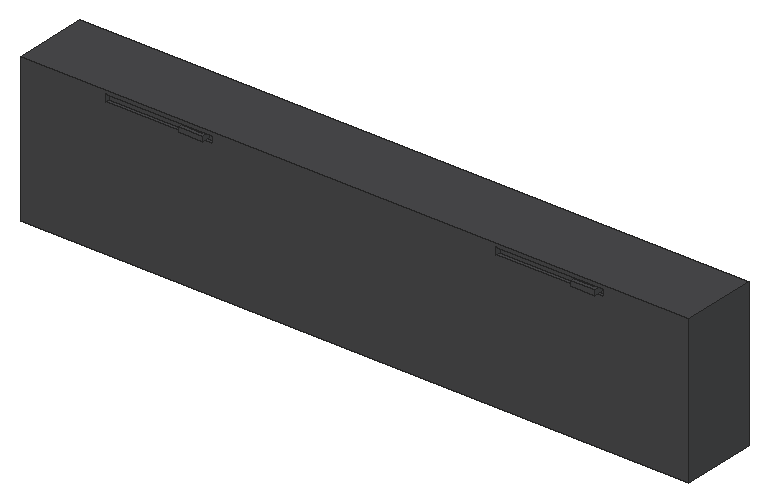
Revit family "DOT BLOCK CEILLING 328_DTSM15U3.1.36", category Luminarias, Revit 2019
Family settings
  Cota de conector redondo = Diámetro de uso
  Tipo de pieza = Normal
  Se basa en plano de trabajo = Sí
  Siempre vertical = Sí
  Corte con vacíos al cargar = No
  Origen de luz = Sí
  Compartido = No
  Punto de cálculo de habitación = No
Parameters (values of type "DOT BLOCK SURFACE 328_DM15U3.3.36")
  Ángulo de inclinación = 60.00°
  Zone [instance] = ""
  Watt per fixture = 15
  Wattage = 15 W
  built-in parameter 1150107 = 2700 (stored number, unit not read)
  built-in parameter 1150110 = 1 (stored number, unit not read)
  built-in parameter 1150109 = 1 (stored number, unit not read)
  built-in parameter 1150112 = 1 (stored number, unit not read)
  built-in parameter 1150113 = 1 (stored number, unit not read)
  built-in parameter 1114218 = 1 (stored number, unit not read)
  Keynote = ""
  built-in parameter 1150137 = (empty or 0)
  built-in parameter 1150132 = (empty or 0)
  Modelo = "DM15U3.3.36"
  Lámpara = "3030SMD PHILIPS"
  built-in parameter 1150105 = 95.493 (stored number, unit not read)
  built-in parameter 1150102 = (empty or 0)
  built-in parameter 1150106 = 0.95493 (stored number, unit not read)
  Lumens = 1200 lm
  Color Filter = 16777215
  built-in parameter 1114217 = 1 (stored number, unit not read)
  built-in parameter 1150139 = (empty or 0)
  Fabricante = "BRILLANT"
  Default Elevation = 1219.2 mm
  built-in parameter 1150104 = 7.4322 (stored number, unit not read)
  Descripción = "LUMINARIA DOWNLIGHT EN FORMATO RECTANGULAR PARA EMPOTRAR DIRECTO EN PLAFON, CUERPO DE ALUMINIO ACABADO EN COLOR NEGRO, IP 20, PESO 0.84Kg, TIPO DE LED 3030SMD PHILIPS CON 15W TOTAL, 1200 LUMENES, 80LM/W, IRC 90, TEMPERATURA EN BLANCO CALIDO 2700K, 50 MIL HORAS DE VIDA PROMEDIO, APERTURA DE 36 GRADOS POR PROYECTO, ALIMENTADO A 90-240V"
  built-in parameter 1150115 = 1 (stored number, unit not read)
  built-in parameter 1150114 = 1 (stored number, unit not read)
  Comentarios de vataje = "90-240V"
  built-in parameter 1150138 = (empty or 0)
  built-in parameter 1150134 = (empty or 0)
  Circuit [instance] = ""
  Dimming Lamp Color Temperature Shift = (empty or 0)
  Archivo de red fotométrica = "L328A-15W-827-B-36_IESNA95.IES"
  built-in parameter 1150133 = 10 (stored number, unit not read)
Reference planes
  plane 1 "Centro (Frontal/Posterior)": y = 0
  plane 2: z = 0
  plane 3 "Centro (Izquierda/Derecha)": x = 0
Forms (mm)
  Extrusion 1, solid, material "Default Form", not visible
    sketch origin (0, 0, 0) x (1, 0, 0) y (0, 0, 1)
      loop
        line (-473, 0) -> (-473, -72) -> (473, -72) -> (473, 0) -> (-473, 0)
    from -18.326 to 18.326
  Blend 2, void, not visible
    base sketch origin (-293.63, 0, 0) x (1, 0, 0) y (0, 1, 0)
      loop
        line (-162, 16.149) -> (-162, -16.149) -> (-144.14, -16.149) -> (-144.14, 16.149) -> (-162, 16.149)
    top sketch origin (-293.63, 0, 0) x (1, 0, 0) y (0, 1, 0)
      loop
        line (-160, 12.149) -> (-160, -12.149) -> (-146.14, -12.149) -> (-146.14, 12.149) -> (-160, 12.149)
    from -72 to -61.591
  Blend 3, void, not visible
    base sketch origin (-267.33, 0, 0) x (1, 0, 0) y (0, 1, 0)
      loop
        line (-162, 16.149) -> (-162, -16.149) -> (-144.14, -16.149) -> (-144.14, 16.149) -> (-162, 16.149)
    top sketch origin (-267.33, 0, 0) x (1, 0, 0) y (0, 1, 0)
      loop
        line (-160, 12.149) -> (-160, -12.149) -> (-146.14, -12.149) -> (-146.14, 12.149) -> (-160, 12.149)
    from -72 to -61.591
  Blend 4, void, not visible
    base sketch origin (-241.03, 0, 0) x (1, 0, 0) y (0, 1, 0)
      loop
        line (-162, 16.149) -> (-162, -16.149) -> (-144.14, -16.149) -> (-144.14, 16.149) -> (-162, 16.149)
    top sketch origin (-241.03, 0, 0) x (1, 0, 0) y (0, 1, 0)
      loop
        line (-160, 12.149) -> (-160, -12.149) -> (-146.14, -12.149) -> (-146.14, 12.149) -> (-160, 12.149)
    from -72 to -61.591
  Blend 5, void, not visible
    base sketch origin (-214.73, 0, 0) x (1, 0, 0) y (0, 1, 0)
      loop
        line (-162, 16.149) -> (-162, -16.149) -> (-144.14, -16.149) -> (-144.14, 16.149) -> (-162, 16.149)
    top sketch origin (-214.73, 0, 0) x (1, 0, 0) y (0, 1, 0)
      loop
        line (-160, 12.149) -> (-160, -12.149) -> (-146.14, -12.149) -> (-146.14, 12.149) -> (-160, 12.149)
    from -72 to -61.591
  Blend 6, void, not visible
    base sketch origin (-188.43, 0, 0) x (1, 0, 0) y (0, 1, 0)
      loop
        line (-162, 16.149) -> (-162, -16.149) -> (-144.14, -16.149) -> (-144.14, 16.149) -> (-162, 16.149)
    top sketch origin (-188.43, 0, 0) x (1, 0, 0) y (0, 1, 0)
      loop
        line (-160, 12.149) -> (-160, -12.149) -> (-146.14, -12.149) -> (-146.14, 12.149) -> (-160, 12.149)
    from -72 to -61.591
  Blend 7, void, not visible
    base sketch origin (-162.13, 0, 0) x (1, 0, 0) y (0, 1, 0)
      loop
        line (-162, 16.149) -> (-162, -16.149) -> (-144.14, -16.149) -> (-144.14, 16.149) -> (-162, 16.149)
    top sketch origin (-162.13, 0, 0) x (1, 0, 0) y (0, 1, 0)
      loop
        line (-160, 12.149) -> (-160, -12.149) -> (-146.14, -12.149) -> (-146.14, 12.149) -> (-160, 12.149)
    from -72 to -61.591
  Blend 8, void, not visible
    base sketch origin (-135.83, 0, 0) x (1, 0, 0) y (0, 1, 0)
      loop
        line (-162, 16.149) -> (-162, -16.149) -> (-144.14, -16.149) -> (-144.14, 16.149) -> (-162, 16.149)
    top sketch origin (-135.83, 0, 0) x (1, 0, 0) y (0, 1, 0)
      loop
        line (-160, 12.149) -> (-160, -12.149) -> (-146.14, -12.149) -> (-146.14, 12.149) -> (-160, 12.149)
    from -72 to -61.591
  Blend 9, void, not visible
    base sketch origin (-109.53, 0, 0) x (1, 0, 0) y (0, 1, 0)
      loop
        line (-162, 16.149) -> (-162, -16.149) -> (-144.14, -16.149) -> (-144.14, 16.149) -> (-162, 16.149)
    top sketch origin (-109.53, 0, 0) x (1, 0, 0) y (0, 1, 0)
      loop
        line (-160, 12.149) -> (-160, -12.149) -> (-146.14, -12.149) -> (-146.14, 12.149) -> (-160, 12.149)
    from -72 to -61.591
  Blend 10, void, not visible
    base sketch origin (-83.23, 0, 0) x (1, 0, 0) y (0, 1, 0)
      loop
        line (-162, 16.149) -> (-162, -16.149) -> (-144.14, -16.149) -> (-144.14, 16.149) -> (-162, 16.149)
    top sketch origin (-83.23, 0, 0) x (1, 0, 0) y (0, 1, 0)
      loop
        line (-160, 12.149) -> (-160, -12.149) -> (-146.14, -12.149) -> (-146.14, 12.149) -> (-160, 12.149)
    from -72 to -61.591
  Blend 11, void, not visible
    base sketch origin (-56.93, 0, 0) x (1, 0, 0) y (0, 1, 0)
      loop
        line (-162, 16.149) -> (-162, -16.149) -> (-144.14, -16.149) -> (-144.14, 16.149) -> (-162, 16.149)
    top sketch origin (-56.93, 0, 0) x (1, 0, 0) y (0, 1, 0)
      loop
        line (-160, 12.149) -> (-160, -12.149) -> (-146.14, -12.149) -> (-146.14, 12.149) -> (-160, 12.149)
    from -72 to -61.591
  Blend 12, void, not visible
    base sketch origin (-30.63, 0, 0) x (1, 0, 0) y (0, 1, 0)
      loop
        line (-162, 16.149) -> (-162, -16.149) -> (-144.14, -16.149) -> (-144.14, 16.149) -> (-162, 16.149)
    top sketch origin (-30.63, 0, 0) x (1, 0, 0) y (0, 1, 0)
      loop
        line (-160, 12.149) -> (-160, -12.149) -> (-146.14, -12.149) -> (-146.14, 12.149) -> (-160, 12.149)
    from -72 to -61.591
  Blend 13, void, not visible
    base sketch origin (-4.33, 0, 0) x (1, 0, 0) y (0, 1, 0)
      loop
        line (-162, 16.149) -> (-162, -16.149) -> (-144.14, -16.149) -> (-144.14, 16.149) -> (-162, 16.149)
    top sketch origin (-4.33, 0, 0) x (1, 0, 0) y (0, 1, 0)
      loop
        line (-160, 12.149) -> (-160, -12.149) -> (-146.14, -12.149) -> (-146.14, 12.149) -> (-160, 12.149)
    from -72 to -61.591
  Blend 14, void, not visible
    base sketch origin (21.97, 0, 0) x (1, 0, 0) y (0, 1, 0)
      loop
        line (-162, 16.149) -> (-162, -16.149) -> (-144.14, -16.149) -> (-144.14, 16.149) -> (-162, 16.149)
    top sketch origin (21.97, 0, 0) x (1, 0, 0) y (0, 1, 0)
      loop
        line (-160, 12.149) -> (-160, -12.149) -> (-146.14, -12.149) -> (-146.14, 12.149) -> (-160, 12.149)
    from -72 to -61.591
  Blend 15, void, not visible
    base sketch origin (48.27, 0, 0) x (1, 0, 0) y (0, 1, 0)
      loop
        line (-162, 16.149) -> (-162, -16.149) -> (-144.14, -16.149) -> (-144.14, 16.149) -> (-162, 16.149)
    top sketch origin (48.27, 0, 0) x (1, 0, 0) y (0, 1, 0)
      loop
        line (-160, 12.149) -> (-160, -12.149) -> (-146.14, -12.149) -> (-146.14, 12.149) -> (-160, 12.149)
    from -72 to -61.591
  Blend 16, void, not visible
    base sketch origin (74.57, 0, 0) x (1, 0, 0) y (0, 1, 0)
      loop
        line (-162, 16.149) -> (-162, -16.149) -> (-144.14, -16.149) -> (-144.14, 16.149) -> (-162, 16.149)
    top sketch origin (74.57, 0, 0) x (1, 0, 0) y (0, 1, 0)
      loop
        line (-160, 12.149) -> (-160, -12.149) -> (-146.14, -12.149) -> (-146.14, 12.149) -> (-160, 12.149)
    from -72 to -61.591
  Blend 17, void, not visible
    base sketch origin (100.87, 0, 0) x (1, 0, 0) y (0, 1, 0)
      loop
        line (-162, 16.149) -> (-162, -16.149) -> (-144.14, -16.149) -> (-144.14, 16.149) -> (-162, 16.149)
    top sketch origin (100.87, 0, 0) x (1, 0, 0) y (0, 1, 0)
      loop
        line (-160, 12.149) -> (-160, -12.149) -> (-146.14, -12.149) -> (-146.14, 12.149) -> (-160, 12.149)
    from -72 to -61.591
  Blend 18, void, not visible
    base sketch origin (127.17, 0, 0) x (1, 0, 0) y (0, 1, 0)
      loop
        line (-162, 16.149) -> (-162, -16.149) -> (-144.14, -16.149) -> (-144.14, 16.149) -> (-162, 16.149)
    top sketch origin (127.17, 0, 0) x (1, 0, 0) y (0, 1, 0)
      loop
        line (-160, 12.149) -> (-160, -12.149) -> (-146.14, -12.149) -> (-146.14, 12.149) -> (-160, 12.149)
    from -72 to -61.591
  Blend 19, void, not visible
    base sketch origin (153.47, 0, 0) x (1, 0, 0) y (0, 1, 0)
      loop
        line (-162, 16.149) -> (-162, -16.149) -> (-144.14, -16.149) -> (-144.14, 16.149) -> (-162, 16.149)
    top sketch origin (153.47, 0, 0) x (1, 0, 0) y (0, 1, 0)
      loop
        line (-160, 12.149) -> (-160, -12.149) -> (-146.14, -12.149) -> (-146.14, 12.149) -> (-160, 12.149)
    from -72 to -61.591
  Blend 20, void, not visible
    base sketch origin (179.77, 0, 0) x (1, 0, 0) y (0, 1, 0)
      loop
        line (-162, 16.149) -> (-162, -16.149) -> (-144.14, -16.149) -> (-144.14, 16.149) -> (-162, 16.149)
    top sketch origin (179.77, 0, 0) x (1, 0, 0) y (0, 1, 0)
      loop
        line (-160, 12.149) -> (-160, -12.149) -> (-146.14, -12.149) -> (-146.14, 12.149) -> (-160, 12.149)
    from -72 to -61.591
  Blend 21, void, not visible
    base sketch origin (206.07, 0, 0) x (1, 0, 0) y (0, 1, 0)
      loop
        line (-162, 16.149) -> (-162, -16.149) -> (-144.14, -16.149) -> (-144.14, 16.149) -> (-162, 16.149)
    top sketch origin (206.07, 0, 0) x (1, 0, 0) y (0, 1, 0)
      loop
        line (-160, 12.149) -> (-160, -12.149) -> (-146.14, -12.149) -> (-146.14, 12.149) -> (-160, 12.149)
    from -72 to -61.591
  Blend 22, void, not visible
    base sketch origin (232.37, 0, 0) x (1, 0, 0) y (0, 1, 0)
      loop
        line (-162, 16.149) -> (-162, -16.149) -> (-144.14, -16.149) -> (-144.14, 16.149) -> (-162, 16.149)
    top sketch origin (232.37, 0, 0) x (1, 0, 0) y (0, 1, 0)
      loop
        line (-160, 12.149) -> (-160, -12.149) -> (-146.14, -12.149) -> (-146.14, 12.149) -> (-160, 12.149)
    from -72 to -61.591
  Blend 23, void, not visible
    base sketch origin (258.67, 0, 0) x (1, 0, 0) y (0, 1, 0)
      loop
        line (-162, 16.149) -> (-162, -16.149) -> (-144.14, -16.149) -> (-144.14, 16.149) -> (-162, 16.149)
    top sketch origin (258.67, 0, 0) x (1, 0, 0) y (0, 1, 0)
      loop
        line (-160, 12.149) -> (-160, -12.149) -> (-146.14, -12.149) -> (-146.14, 12.149) -> (-160, 12.149)
    from -72 to -61.591
  Blend 24, void, not visible
    base sketch origin (284.97, 0, 0) x (1, 0, 0) y (0, 1, 0)
      loop
        line (-162, 16.149) -> (-162, -16.149) -> (-144.14, -16.149) -> (-144.14, 16.149) -> (-162, 16.149)
    top sketch origin (284.97, 0, 0) x (1, 0, 0) y (0, 1, 0)
      loop
        line (-160, 12.149) -> (-160, -12.149) -> (-146.14, -12.149) -> (-146.14, 12.149) -> (-160, 12.149)
    from -72 to -61.591
  Blend 25, void, not visible
    base sketch origin (311.27, 0, 0) x (1, 0, 0) y (0, 1, 0)
      loop
        line (-162, 16.149) -> (-162, -16.149) -> (-144.14, -16.149) -> (-144.14, 16.149) -> (-162, 16.149)
    top sketch origin (311.27, 0, 0) x (1, 0, 0) y (0, 1, 0)
      loop
        line (-160, 12.149) -> (-160, -12.149) -> (-146.14, -12.149) -> (-146.14, 12.149) -> (-160, 12.149)
    from -72 to -61.591
  Blend 26, void, not visible
    base sketch origin (337.57, 0, 0) x (1, 0, 0) y (0, 1, 0)
      loop
        line (-162, 16.149) -> (-162, -16.149) -> (-144.14, -16.149) -> (-144.14, 16.149) -> (-162, 16.149)
    top sketch origin (337.57, 0, 0) x (1, 0, 0) y (0, 1, 0)
      loop
        line (-160, 12.149) -> (-160, -12.149) -> (-146.14, -12.149) -> (-146.14, 12.149) -> (-160, 12.149)
    from -72 to -61.591
  Blend 27, void, not visible
    base sketch origin (363.87, 0, 0) x (1, 0, 0) y (0, 1, 0)
      loop
        line (-162, 16.149) -> (-162, -16.149) -> (-144.14, -16.149) -> (-144.14, 16.149) -> (-162, 16.149)
    top sketch origin (363.87, 0, 0) x (1, 0, 0) y (0, 1, 0)
      loop
        line (-160, 12.149) -> (-160, -12.149) -> (-146.14, -12.149) -> (-146.14, 12.149) -> (-160, 12.149)
    from -72 to -61.591
  Blend 28, void, not visible
    base sketch origin (390.17, 0, 0) x (1, 0, 0) y (0, 1, 0)
      loop
        line (-162, 16.149) -> (-162, -16.149) -> (-144.14, -16.149) -> (-144.14, 16.149) -> (-162, 16.149)
    top sketch origin (390.17, 0, 0) x (1, 0, 0) y (0, 1, 0)
      loop
        line (-160, 12.149) -> (-160, -12.149) -> (-146.14, -12.149) -> (-146.14, 12.149) -> (-160, 12.149)
    from -72 to -61.591
  Blend 29, void, not visible
    base sketch origin (416.47, 0, 0) x (1, 0, 0) y (0, 1, 0)
      loop
        line (-162, 16.149) -> (-162, -16.149) -> (-144.14, -16.149) -> (-144.14, 16.149) -> (-162, 16.149)
    top sketch origin (416.47, 0, 0) x (1, 0, 0) y (0, 1, 0)
      loop
        line (-160, 12.149) -> (-160, -12.149) -> (-146.14, -12.149) -> (-146.14, 12.149) -> (-160, 12.149)
    from -72 to -61.591
  Blend 30, void, not visible
    base sketch origin (442.77, 0, 0) x (1, 0, 0) y (0, 1, 0)
      loop
        line (-162, 16.149) -> (-162, -16.149) -> (-144.14, -16.149) -> (-144.14, 16.149) -> (-162, 16.149)
    top sketch origin (442.77, 0, 0) x (1, 0, 0) y (0, 1, 0)
      loop
        line (-160, 12.149) -> (-160, -12.149) -> (-146.14, -12.149) -> (-146.14, 12.149) -> (-160, 12.149)
    from -72 to -61.591
  Blend 31, void, not visible
    base sketch origin (469.07, 0, 0) x (1, 0, 0) y (0, 1, 0)
      loop
        line (-162, 16.149) -> (-162, -16.149) -> (-144.14, -16.149) -> (-144.14, 16.149) -> (-162, 16.149)
    top sketch origin (469.07, 0, 0) x (1, 0, 0) y (0, 1, 0)
      loop
        line (-160, 12.149) -> (-160, -12.149) -> (-146.14, -12.149) -> (-146.14, 12.149) -> (-160, 12.149)
    from -72 to -61.591
  Blend 32, void, not visible
    base sketch origin (495.37, 0, 0) x (1, 0, 0) y (0, 1, 0)
      loop
        line (-162, 16.149) -> (-162, -16.149) -> (-144.14, -16.149) -> (-144.14, 16.149) -> (-162, 16.149)
    top sketch origin (495.37, 0, 0) x (1, 0, 0) y (0, 1, 0)
      loop
        line (-160, 12.149) -> (-160, -12.149) -> (-146.14, -12.149) -> (-146.14, 12.149) -> (-160, 12.149)
    from -72 to -61.591
  Blend 33, void, not visible
    base sketch origin (521.67, 0, 0) x (1, 0, 0) y (0, 1, 0)
      loop
        line (-162, 16.149) -> (-162, -16.149) -> (-144.14, -16.149) -> (-144.14, 16.149) -> (-162, 16.149)
    top sketch origin (521.67, 0, 0) x (1, 0, 0) y (0, 1, 0)
      loop
        line (-160, 12.149) -> (-160, -12.149) -> (-146.14, -12.149) -> (-146.14, 12.149) -> (-160, 12.149)
    from -72 to -61.591
  Blend 34, void, not visible
    base sketch origin (547.97, 0, 0) x (1, 0, 0) y (0, 1, 0)
      loop
        line (-162, 16.149) -> (-162, -16.149) -> (-144.14, -16.149) -> (-144.14, 16.149) -> (-162, 16.149)
    top sketch origin (547.97, 0, 0) x (1, 0, 0) y (0, 1, 0)
      loop
        line (-160, 12.149) -> (-160, -12.149) -> (-146.14, -12.149) -> (-146.14, 12.149) -> (-160, 12.149)
    from -72 to -61.591
  Blend 35, void, not visible
    base sketch origin (574.27, 0, 0) x (1, 0, 0) y (0, 1, 0)
      loop
        line (-162, 16.149) -> (-162, -16.149) -> (-144.14, -16.149) -> (-144.14, 16.149) -> (-162, 16.149)
    top sketch origin (574.27, 0, 0) x (1, 0, 0) y (0, 1, 0)
      loop
        line (-160, 12.149) -> (-160, -12.149) -> (-146.14, -12.149) -> (-146.14, 12.149) -> (-160, 12.149)
    from -72 to -61.591
  Blend 36, void, not visible
    base sketch origin (600.57, 0, 0) x (1, 0, 0) y (0, 1, 0)
      loop
        line (-162, 16.149) -> (-162, -16.149) -> (-144.14, -16.149) -> (-144.14, 16.149) -> (-162, 16.149)
    top sketch origin (600.57, 0, 0) x (1, 0, 0) y (0, 1, 0)
      loop
        line (-160, 12.149) -> (-160, -12.149) -> (-146.14, -12.149) -> (-146.14, 12.149) -> (-160, 12.149)
    from -72 to -61.591
  Extrusion 37, solid, not visible
    sketch origin (-463.861, 0, 3.217) x (0, -1, 0) y (0, 0, -1)
      loop
        line (18.326, 3.217) -> (-18.326, 3.217) -> (-18.326, 73.917) -> (-32.183, 73.917) -> (-32.183, 72.617) -> (-19.626, 72.617) -> (-19.626, 1.917) -> (19.626, 1.917) -> (19.626, 72.617) -> (32.183, 72.617) -> (32.183, 73.917) -> (18.326, 73.917) -> (18.326, 3.217)
    from 89.098 to 128.24
  Extrusion 38, solid, not visible
    sketch origin (-246.523, 0, 3.217) x (0, -1, 0) y (0, 0, 1)
      loop
        line (-19.626, -1.917) -> (19.626, -1.917) -> (19.626, -63.89) -> (20.426, -63.89) -> (20.426, -1.117) -> (-20.426, -1.117) -> (-20.426, -63.89) -> (-19.626, -63.89) -> (-19.626, -1.917)
    from 122.954 to 124.098
  Extrusion 39, solid, not visible
    sketch origin (-463.861, 0, 3.217) x (0, -1, 0) y (0, 0, -1)
      loop
        line (-19.626, 1.917) -> (-19.626, 63.89) -> (-20.426, 63.89) -> (-20.426, 1.117) -> (20.426, 1.117) -> (20.426, 63.89) -> (19.626, 63.89) -> (19.626, 1.917) -> (-19.626, 1.917)
    from 122.954 to 124.098
  Extrusion 40, void, not visible
    sketch origin (0, 0, 0) x (1, 0, 0) y (0, 1, 0)
      loop
        circle (-363.799, -25.904) r 2.055
      loop
        circle (-346.585, -25.904) r 2.055
      loop
        circle (-363.799, 25.904) r 2.055
      loop
        circle (-346.585, 25.904) r 2.055
    from -70.7 to -69.4
  Blend 41, void
    base sketch origin (74.57, 130.851, 72) x (1, 0, 0) y (0, 1, 0)
      loop
        line (-162, -147) -> (-144.14, -147) -> (-144.14, -114.702) -> (-162, -114.702) -> (-162, -147)
    top sketch origin (74.57, 130.851, 72) x (1, 0, 0) y (0, 1, 0)
      loop
        line (-160, -143) -> (-146.14, -143) -> (-146.14, -118.702) -> (-160, -118.702) -> (-160, -143)
    from -72 to -61.591
  Blend 42, void
    base sketch origin (100.87, 130.851, 72) x (1, 0, 0) y (0, 1, 0)
      loop
        line (-162, -147) -> (-144.14, -147) -> (-144.14, -114.702) -> (-162, -114.702) -> (-162, -147)
    top sketch origin (100.87, 130.851, 72) x (1, 0, 0) y (0, 1, 0)
      loop
        line (-160, -143) -> (-146.14, -143) -> (-146.14, -118.702) -> (-160, -118.702) -> (-160, -143)
    from -72 to -61.591
  Blend 43, void
    base sketch origin (127.17, 130.851, 72) x (1, 0, 0) y (0, 1, 0)
      loop
        line (-162, -147) -> (-144.14, -147) -> (-144.14, -114.702) -> (-162, -114.702) -> (-162, -147)
    top sketch origin (127.17, 130.851, 72) x (1, 0, 0) y (0, 1, 0)
      loop
        line (-160, -143) -> (-146.14, -143) -> (-146.14, -118.702) -> (-160, -118.702) -> (-160, -143)
    from -72 to -61.591
  Blend 44, void
    base sketch origin (153.47, 130.851, 72) x (1, 0, 0) y (0, 1, 0)
      loop
        line (-162, -147) -> (-144.14, -147) -> (-144.14, -114.702) -> (-162, -114.702) -> (-162, -147)
    top sketch origin (153.47, 130.851, 72) x (1, 0, 0) y (0, 1, 0)
      loop
        line (-160, -143) -> (-146.14, -143) -> (-146.14, -118.702) -> (-160, -118.702) -> (-160, -143)
    from -72 to -61.591
  Blend 45, void
    base sketch origin (179.77, 130.851, 72) x (1, 0, 0) y (0, 1, 0)
      loop
        line (-162, -147) -> (-144.14, -147) -> (-144.14, -114.702) -> (-162, -114.702) -> (-162, -147)
    top sketch origin (179.77, 130.851, 72) x (1, 0, 0) y (0, 1, 0)
      loop
        line (-160, -143) -> (-146.14, -143) -> (-146.14, -118.702) -> (-160, -118.702) -> (-160, -143)
    from -72 to -61.591
  Blend 46, void
    base sketch origin (206.07, 130.851, 72) x (1, 0, 0) y (0, 1, 0)
      loop
        line (-162, -147) -> (-144.14, -147) -> (-144.14, -114.702) -> (-162, -114.702) -> (-162, -147)
    top sketch origin (206.07, 130.851, 72) x (1, 0, 0) y (0, 1, 0)
      loop
        line (-160, -143) -> (-146.14, -143) -> (-146.14, -118.702) -> (-160, -118.702) -> (-160, -143)
    from -72 to -61.591
  Blend 47, void
    base sketch origin (232.37, 130.851, 72) x (1, 0, 0) y (0, 1, 0)
      loop
        line (-162, -147) -> (-144.14, -147) -> (-144.14, -114.702) -> (-162, -114.702) -> (-162, -147)
    top sketch origin (232.37, 130.851, 72) x (1, 0, 0) y (0, 1, 0)
      loop
        line (-160, -143) -> (-146.14, -143) -> (-146.14, -118.702) -> (-160, -118.702) -> (-160, -143)
    from -72 to -61.591
  Extrusion 48, solid, material "Default Form"
    sketch origin (0, 0, 72) x (1, 0, 0) y (0, 0, -1)
      loop
        line (-164, 0) -> (164, 0) -> (164, 72) -> (-164, 72) -> (-164, 0)
    from -18.326 to 18.326
  Blend 49, void
    base sketch origin (258.67, 130.851, 72) x (1, 0, 0) y (0, 1, 0)
      loop
        line (-162, -147) -> (-144.14, -147) -> (-144.14, -114.702) -> (-162, -114.702) -> (-162, -147)
    top sketch origin (258.67, 130.851, 72) x (1, 0, 0) y (0, 1, 0)
      loop
        line (-160, -143) -> (-146.14, -143) -> (-146.14, -118.702) -> (-160, -118.702) -> (-160, -143)
    from -72 to -61.591
  Blend 50, void
    base sketch origin (284.97, 130.851, 72) x (1, 0, 0) y (0, 1, 0)
      loop
        line (-162, -147) -> (-144.14, -147) -> (-144.14, -114.702) -> (-162, -114.702) -> (-162, -147)
    top sketch origin (284.97, 130.851, 72) x (1, 0, 0) y (0, 1, 0)
      loop
        line (-160, -143) -> (-146.14, -143) -> (-146.14, -118.702) -> (-160, -118.702) -> (-160, -143)
    from -72 to -61.591
  Blend 51, void
    base sketch origin (21.97, 130.851, 72) x (1, 0, 0) y (0, 1, 0)
      loop
        line (-162, -147) -> (-144.14, -147) -> (-144.14, -114.702) -> (-162, -114.702) -> (-162, -147)
    top sketch origin (21.97, 130.851, 72) x (1, 0, 0) y (0, 1, 0)
      loop
        line (-160, -143) -> (-146.14, -143) -> (-146.14, -118.702) -> (-160, -118.702) -> (-160, -143)
    from -72 to -61.591
  Blend 52, void
    base sketch origin (48.27, 130.851, 72) x (1, 0, 0) y (0, 1, 0)
      loop
        line (-162, -147) -> (-144.14, -147) -> (-144.14, -114.702) -> (-162, -114.702) -> (-162, -147)
    top sketch origin (48.27, 130.851, 72) x (1, 0, 0) y (0, 1, 0)
      loop
        line (-160, -143) -> (-146.14, -143) -> (-146.14, -118.702) -> (-160, -118.702) -> (-160, -143)
    from -72 to -61.591
  Extrusion 53, void
    sketch origin (0, 0, 0) x (1, 0, 0) y (0, 1, 0)
      loop
        line (-122.17, -18.326) -> (-69.57, -18.326) -> (-69.57, -16.149) -> (-122.17, -16.149) -> (-122.17, -18.326)
      loop
        line (122.17, -18.326) -> (122.17, -16.149) -> (69.57, -16.149) -> (69.57, -18.326) -> (122.17, -18.326)
      loop
        line (-122.17, 18.326) -> (-122.17, 16.149) -> (-69.57, 16.149) -> (-69.57, 18.326) -> (-122.17, 18.326)
      loop
        line (122.17, 18.326) -> (69.57, 18.326) -> (69.57, 16.149) -> (122.17, 16.149) -> (122.17, 18.326)
    from 66.852 to 70.535
  Extrusion 54, solid, material "Default Form"
    sketch origin (0, 0, 0) x (1, 0, 0) y (0, 1, 0)
      loop
        line (-73.041, -16.149) -> (-74.374, -16.149) -> (-74.374, -18.326) -> (-84.875, -18.326) -> (-84.875, -20.238) -> (-73.041, -20.238) -> (-73.041, -16.149)
      loop
        line (119.435, -16.149) -> (118.101, -16.149) -> (118.101, -18.326) -> (107.601, -18.326) -> (107.601, -20.238) -> (119.435, -20.238) -> (119.435, -16.149)
      loop
        line (-73.041, 16.149) -> (-73.041, 20.238) -> (-84.875, 20.238) -> (-84.875, 18.326) -> (-74.374, 18.326) -> (-74.374, 16.149) -> (-73.041, 16.149)
      loop
        line (119.435, 16.149) -> (119.435, 20.238) -> (107.601, 20.238) -> (107.601, 18.326) -> (118.101, 18.326) -> (118.101, 16.149) -> (119.435, 16.149)
    from 67.466 to 69.773
Cuts and joins
  Blend 41, Blend 42, Blend 43, Blend 44, Blend 45, Blend 46, Blend 47, Blend 49, Blend 50, Blend 51, Blend 52, Extrusion 53 cuts Extrusion 48
Dimensions and locks
  cut or joined group 1 (Blend 41, Blend 42, Blend 43, Blend 44, Blend 45, Blend 46, Blend 47, Extrusion 48, Blend 49, Blend 50, Blend 51, Blend 52, Extrusion 53) to cut or joined group 1 = 72 mm  (x2)
  cut or joined group 1 to cut or joined group 1 = 36.651 mm
  cut or joined group 1 to cut or joined group 1 = 328 mm
  aligned and locked: level to plane 2
Connectors
  electrical at (0, 0, 72)
    settings: on cut or joined group 1, index 1, voltage 0 V, apparent load 0 VA, apparent load phase1 0 VA, apparent load phase2 0 VA, apparent load phase3 0 VA, power factor 1, load classification "Otro", number of poles 1, system type 31, power factor state 1, is connector primary yes, connector utility no, sub classification motor no, connector description ""
